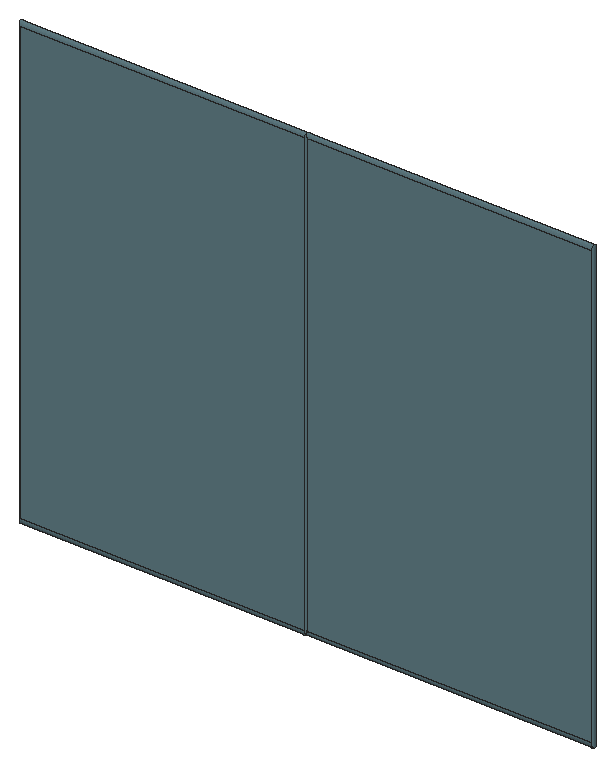
Revit family "FU_Panel_Sandler_Kern 1220PT", category Furniture, Revit 2022
Family settings
  OmniClass Number = 23.40.20.00
  OmniClass Title = General Furniture and Specialties
  Work Plane-Based = No
  Always vertical = Yes
  Cut with Voids When Loaded = No
  Render Appearance Source = Family Geometry
  Shared = No
  Room Calculation Point = No
Parameters (values of type "KERN 1220PT")
  Width = 1390 mm
  URL = "https://www.sandlerseating.com/product/kern-1220pt/"
  Panel [instance] = Fabric - Mainline Flax - Pimlico MLF34
  Model = "KERN 1220PT"
  Manufacturer = "Sandler"
  Description = "Privacy screen for two-seat Kern module with backrest."
  Default Elevation = 0 mm
Reference planes
  plane 1 "Center (Front/Back)": y = 0
  plane 2: z = 0
  plane 3 "Center (Left/Right)": x = 0
  plane 4 "Right": x = -695
  plane 5 "Left": x = 695
  plane 6 "Panel Front": y = 357.5
  plane 7 "Panel Back": y = 368.5
  plane 8 "Panel Elevation": z = 170
  plane 9 "Height": z = 1260
Forms (mm)
  Sweep 1, solid, material "Fabric - Mainline Flax - Pimlico MLF34" <- "Panel"
    path origin (0, 357.5, 0) x (-1, 0, 0) y (0, 0, 1)
      loop
        line (695, 170) -> (0, 170)
    profile "Pro_Kern_Panel : Pro_Kern_Panel" origin (-347.5, 357.5, 170) x (0, 0, -1) y (0, 1, 0)
      loop
        line (-1079, 0) -> (-11, 0)
        spline (-11, 0) -> (-8.153, 0.187) -> (-5.5, 0.737) -> (-3.222, 1.611) -> (-1.474, 2.75) -> (-0.375, 4.076) -> (0, 5.5) -> (-0.375, 6.924) -> (-1.474, 8.25) -> (-3.222, 9.389) -> (-5.5, 10.263) -> (-8.153, 10.813) -> (-11, 11)
        line (-11, 11) -> (-1079, 11)
        spline (-1079, 11) -> (-1081.847, 10.813) -> (-1084.5, 10.263) -> (-1086.778, 9.389) -> (-1088.526, 8.25) -> (-1089.625, 6.924) -> (-1090, 5.5) -> (-1089.625, 4.076) -> (-1088.526, 2.75) -> (-1086.778, 1.611) -> (-1084.5, 0.737) -> (-1081.847, 0.187) -> (-1079, 0)
  Sweep 2, void
    path origin (-695, 0, 0) x (0, -1, 0) y (0, 0, 1)
      loop
        line (-363, 160) -> (-363, 1295)
    profile "Pro_edgeCut_6mm_alt : Pro_edgeCut_6mm_alt" origin (-695, 363, 727.5) x (0, 1, 0) y (-1, 0, 0)
      loop
        arc (5.939, -5.172) -> (6.26, -5.764) -> (6.89, -6) r 0.961
        line (6.89, -6) -> (9.996, -6) -> (9.996, 2.035) -> (-10.004, 2.035) -> (-10.004, -6) -> (-6.907, -6)
        arc (-6.907, -6) -> (-6.27, -5.762) -> (-5.945, -5.164) r 0.971
        arc (-5.945, -5.164) -> (0, 0) -> (5.939, -5.172) r 6
  Sweep 3, void
    path origin (0, 0, 0) x (0, -1, 0) y (0, 0, -1)
      loop
        line (-363, -160) -> (-363, -1295)
    profile "Pro_edgeCut_6mm_alt : Pro_edgeCut_6mm_alt" origin (0, 363, 727.5) x (0, -1, 0) y (1, 0, 0)
      loop
        arc (-5.939, -5.172) -> (0, 0) -> (5.945, -5.164) r 6
        arc (5.945, -5.164) -> (6.27, -5.762) -> (6.907, -6) r 0.971
        line (6.907, -6) -> (10.004, -6) -> (10.004, 2.035) -> (-9.996, 2.035) -> (-9.996, -6) -> (-6.89, -6)
        arc (-6.89, -6) -> (-6.26, -5.764) -> (-5.939, -5.172) r 0.961
  Sweep 4, solid, material "Fabric - Mainline Flax - Pimlico MLF34" <- "Panel"
    path origin (0, 357.5, 1090) x (1, 0, 0) y (0, 0, -1)
      loop
        line (695, -170) -> (0, -170)
    profile "Pro_Kern_Panel : Pro_Kern_Panel" origin (347.5, 357.5, 1260) x (0, 0, 1) y (0, 1, 0)
      loop
        spline (-1079, 11) -> (-1081.847, 10.813) -> (-1084.5, 10.263) -> (-1086.778, 9.389) -> (-1088.526, 8.25) -> (-1089.625, 6.924) -> (-1090, 5.5) -> (-1089.625, 4.076) -> (-1088.526, 2.75) -> (-1086.778, 1.611) -> (-1084.5, 0.737) -> (-1081.847, 0.187) -> (-1079, 0)
        line (-1079, 0) -> (-11, 0)
        spline (-11, 0) -> (-8.153, 0.187) -> (-5.5, 0.737) -> (-3.222, 1.611) -> (-1.474, 2.75) -> (-0.375, 4.076) -> (0, 5.5) -> (-0.375, 6.924) -> (-1.474, 8.25) -> (-3.222, 9.389) -> (-5.5, 10.263) -> (-8.153, 10.813) -> (-11, 11)
        line (-11, 11) -> (-1079, 11)
  Sweep 5, void
    path origin (695, 0, 0) x (0, -1, 0) y (0, 0, -1)
      loop
        line (-363, -160) -> (-363, -1295)
    profile "Pro_edgeCut_6mm_alt : Pro_edgeCut_6mm_alt" origin (695, 363, 727.5) x (0, -1, 0) y (1, 0, 0)
      loop
        arc (5.939, -5.172) -> (6.26, -5.764) -> (6.89, -6) r 0.961
        line (6.89, -6) -> (9.996, -6) -> (9.996, 2.035) -> (-10.004, 2.035) -> (-10.004, -6) -> (-6.907, -6)
        arc (-6.907, -6) -> (-6.27, -5.762) -> (-5.945, -5.164) r 0.971
        arc (-5.945, -5.164) -> (0, 0) -> (5.939, -5.172) r 6
  Sweep 6, void
    path origin (0, 0, 0) x (0, -1, 0) y (0, 0, 1)
      loop
        line (-363, 160) -> (-363, 1295)
    profile "Pro_edgeCut_6mm_alt : Pro_edgeCut_6mm_alt" origin (0, 363, 727.5) x (0, 1, 0) y (-1, 0, 0)
      loop
        arc (-5.939, -5.172) -> (0, 0) -> (5.945, -5.164) r 6
        arc (5.945, -5.164) -> (6.27, -5.762) -> (6.907, -6) r 0.971
        line (6.907, -6) -> (10.004, -6) -> (10.004, 2.035) -> (-9.996, 2.035) -> (-9.996, -6) -> (-6.89, -6)
        arc (-6.89, -6) -> (-6.26, -5.764) -> (-5.939, -5.172) r 0.961
Cuts and joins
  Sweep 2, Sweep 3, Sweep 5 cuts Sweep 1
  Sweep 5, Sweep 6 cuts Sweep 4
Dimensions and locks
  equal spacing: plane 4 "Right", plane 3 "Center (Left/Right)", plane 5 "Left"
  "Width": plane 4 "Right" to plane 5 "Left"
  plane 1 "Center (Front/Back)" to plane 6 "Panel Front" = 357.5 mm
  aligned and locked: level to plane 2
Automatic sketch dimensions
  Sweep 1 sketch curve to plane 3 "Center (Left/Right)" = 0 mm
  plane 4 "Right" to Sweep 1 sketch curve = 0 mm
  Sweep 1 sketch curve to plane 8 "Panel Elevation" = 0 mm
  plane 6 "Panel Front" to Sweep 2 sketch curve = 5.5 mm
  Sweep 2 sketch curve to plane 8 "Panel Elevation" = 10 mm
  plane 9 "Height" to Sweep 2 sketch curve = 35 mm
  plane 6 "Panel Front" to Sweep 3 sketch curve = 5.5 mm
  plane 9 "Height" to Sweep 3 sketch curve = 35 mm
  Sweep 3 sketch curve to plane 8 "Panel Elevation" = 10 mm
  Sweep 4 sketch curve to plane 3 "Center (Left/Right)" = 0 mm
  plane 5 "Left" to Sweep 4 sketch curve = 0 mm
  plane 8 "Panel Elevation" to Sweep 4 sketch curve = 1090 mm
  plane 6 "Panel Front" to Sweep 5 sketch curve = 5.5 mm
  plane 9 "Height" to Sweep 5 sketch curve = 35 mm
  Sweep 5 sketch curve to plane 8 "Panel Elevation" = 10 mm
  plane 6 "Panel Front" to Sweep 6 sketch curve = 5.5 mm
  Sweep 6 sketch curve to plane 8 "Panel Elevation" = 10 mm
  plane 9 "Height" to Sweep 6 sketch curve = 35 mm
